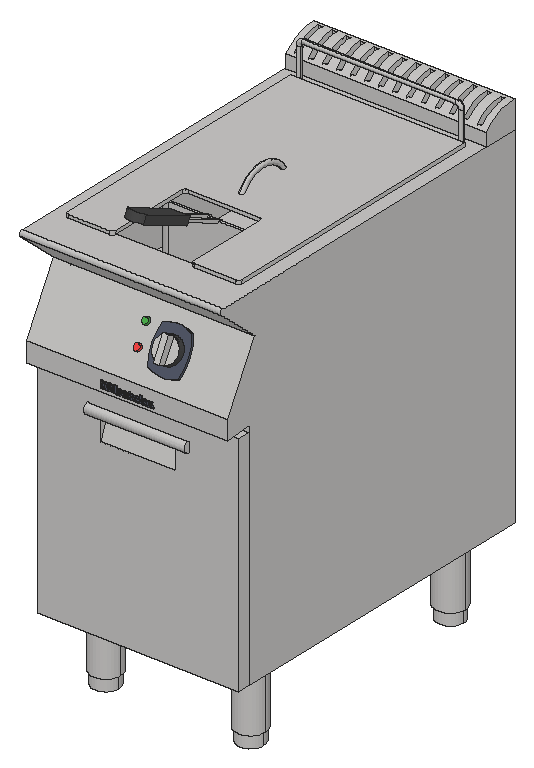
Revit family "QF_ELECTROLUXPROFESSIONAL_371081_E7FRED1GF0", category Specialty Equipment, Revit 2018
Family settings
  Round Connector Dimension = Use Diameter
  Part Type = Normal
  Work Plane-Based = No
  Always vertical = Yes
  Cut with Voids When Loaded = No
  Shared = No
  Room Calculation Point = No
Parameters
  Width = 400 mm  # constant formula
  Weight in Pounds = 121  # constant formula
  Watts = 10000 VA  # 10000 W
  Volts = 400 V  # constant formula
  URL Cutsheet = "www.electrolux.com/foodservice"
  URL = "www.electrolux.com/foodservice"
  Type Mark [instance] = ""
  Status [instance] = ""
  Specification by User [instance] = ""
  Specification by Manufacturer = ""
  Show Logo [instance] = yes
  Show Clearance [instance] = yes
  Serial Number = ""
  Seismic Rating = ""
  SMACNA No = ""
  Revision Code [instance] = ""
  Phase = 3  # constant formula
  Omniclass Number and Title = ""
  Number of Poles [instance] = 1
  NAFEM Spec ID Number = ""
  Model = "371081"
  Min Ckt Ampacity = 0 A
  Max Overcurrent Protection = 0 A
  Masterspec = ""
  Manufacturer = "ELECTROLUX"
  Item Number [instance] = ""
  Installed By [instance] = ""
  Identify Quantity as Lot [instance] = yes
  Height = 333 mm  # constant formula
  HP = "13.4 HP"
  Furnished By [instance] = ""
  Foodservice Equipment Identifier [instance] = yes
  FL Amps = if(Phase = 3, Watts / (Volts * 1.73), Watts / Volts)  # 14.4509 A
  Electrical Remarks [instance] = "400 V/3N ph/50/60 Hz"  # constant formula
  Electric Connection Type [instance] = ""
  Elec Conn RI Height [instance] = 0 mm
  Elec Conn Connection Height [instance] = 0 mm
  Direct Waste Size = 0"
  Description = "700XP One 15 Lt. Wells Freestanding Electric Fryer - 400V"
  Depth = 730 mm  # constant formula
  Cycle = if([60 Hertz Option], 60 Hz, 50 Hz)  # 60 Hz
  Conn Plug = ""
  Conn Conduit = yes
  CSI MasterFormat = ""
  CSI Master Format = ""
  Base Height [instance] = 150 mm  # constant formula
  Apparent Power = if(Phase = 3, Volts * FL Amps * 1.73, Volts * FL Amps)  # 10000 VA
  60 Hertz Option = not([50 Hertz Option])  # yes
  50 Hertz Option = no
Reference planes
  plane 1 "BACK": y = 0
  plane 2: z = 0
  plane 3 "LEFT": x = 0
  plane 4 "RIGHT": x = 400
  plane 5 "FRONT": y = -730
  plane 6 "TOP": z = 905.238
  plane 7 "Center Y": x = 200
  plane 8 "Center X": y = -365
  plane 9 "BASE": z = 601
  plane 10 "TOP A": z = 850.238
  plane 11: y = -587.387
  plane 12: y = -90
  plane 13: z = 150
Forms (mm)
  Extrusion 1, solid, material "QF_Finishes_Stainless Steel"
    sketch origin (0, 0, 0) x (0, 1, 0) y (0, 0, 1)
      loop
        line (0, 850.237) -> (-725.027, 850.237)
        arc (-725.027, 850.237) -> (-730.893, 846.318) -> (-729.517, 839.397) r 6.35
        line (-729.517, 839.397) -> (-646.919, 767.047) -> (-713.522, 646.19) -> (-713.522, 608.09) -> (-660.15, 613.7) -> (-660.15, 150) -> (0, 150) -> (0, 850.237)
      loop
        line (-687.137, 601) -> (-687.137, 150) -> (-661.737, 150) -> (-661.737, 601) -> (-687.137, 601)
    from 0 to 400
  Extrusion 2, solid, material "QF_Finishes_Stainless Steel"
    sketch origin (0, 0, 0) x (0, 1, 0) y (0, 0, 1)
      loop
        line (0, 850.238) -> (0, 905.237)
        arc (0, 905.237) -> (-38.078, 897.879) -> (-69.85, 875.637) r 93.057
        line (-69.85, 875.637) -> (-69.85, 850.238) -> (0, 850.238)
    from 0 to 400
  Extrusion 3, void
    sketch origin (0, 0, 850.238) x (-1, 0, 0) y (0, -1, 0)
      loop
        line (-33.338, 90.124) -> (-33.338, 645.265) -> (-366.662, 645.265) -> (-366.662, 90.124) -> (-33.338, 90.124)
    from 0 to -152.4
  Extrusion 4, solid, material "QF_Finishes_Stainless Steel"
    sketch origin (0, 0, 850.238) x (-1, 0, 0) y (0, -1, 0)
      loop
        arc (-26.988, 645.265) -> (-28.847, 649.755) -> (-33.338, 651.615) r 6.35
        line (-33.338, 651.615) -> (-115.863, 651.615)
        arc (-115.863, 651.615) -> (-120.353, 649.755) -> (-122.213, 645.265) r 6.35
        line (-122.213, 645.265) -> (-122.213, 481.012)
        arc (-122.213, 481.012) -> (-124.072, 476.521) -> (-128.563, 474.662) r 6.35
        line (-128.563, 474.662) -> (-271.437, 474.662)
        arc (-271.437, 474.662) -> (-275.928, 476.521) -> (-277.787, 481.012) r 6.35
        line (-277.787, 481.012) -> (-277.787, 645.29)
        arc (-277.787, 645.29) -> (-279.64, 649.762) -> (-284.112, 651.615) r 6.325
        line (-284.112, 651.615) -> (-366.662, 651.615)
        arc (-366.662, 651.615) -> (-371.153, 649.755) -> (-373.013, 645.265) r 6.35
        line (-373.013, 645.265) -> (-373.013, 90.124) -> (-26.988, 90.124) -> (-26.988, 645.265)
    from 0 to 6.35
  Sweep 5, solid, material "QF_Finishes_Stainless Steel"
    path origin (200, 0, 0) x (0, 1, 0) y (0, 0, 1)
      loop
        arc (-323.261, 850.238) -> (-377.7, 884.016) -> (-432.139, 850.238) r 60.757
    profile origin (200, -377.7, 884.016) x (0, 0, -1) y (1, 0, 0)
      loop
        circle (0, 0) r 4.353
  Sweep 6, solid, material "QF_Finishes_Stainless Steel"
    path origin (0, 0, 0) x (1, 0, 0) y (0, 0, 1)
      loop
        line (39.688, 846.5) -> (39.688, 911.588)
        arc (39.688, 911.588) -> (41.547, 916.078) -> (46.038, 917.938) r 6.35
        line (46.038, 917.938) -> (352.225, 917.938)
        arc (352.225, 917.938) -> (356.715, 916.078) -> (358.575, 911.588) r 6.35
        line (358.575, 911.588) -> (358.575, 846.5)
    profile origin (39.688, 0, 879.044) x (-1, 0, 0) y (0, -1, 0)
      loop
        circle (2.09, 83.254) r 3.827
  Extrusion 7, void
    sketch origin (0, 0, 850.238) x (-1, 0, 0) y (0, -1, 0)
      loop
        line (-13.453, 6.761) -> (-13.453, 63.911) -> (-22.749, 63.911) -> (-22.749, 6.761) -> (-13.453, 6.761)
    from 25.4 to 63.5
  Extrusion 8, void
    sketch origin (400.05, 0, 850.237) x (1, 0, 0) y (0, 1, 0)
      loop
        line (-13.503, -6.761) -> (-22.799, -6.761) -> (-22.799, -63.911) -> (-13.503, -63.911) -> (-13.503, -6.761)
    from 25.4 to 63.5
  Extrusion 9, void
    sketch origin (27.988, 0, 850.238) x (-1, 0, 0) y (0, -1, 0)
      loop
        line (-13.453, 6.761) -> (-13.453, 63.911) -> (-22.749, 63.911) -> (-22.749, 6.761) -> (-13.453, 6.761)
    from 25.4 to 63.5
  Extrusion 10, void
    sketch origin (55.977, 0, 850.238) x (-1, 0, 0) y (0, -1, 0)
      loop
        line (-13.453, 6.761) -> (-13.453, 63.911) -> (-22.749, 63.911) -> (-22.749, 6.761) -> (-13.453, 6.761)
    from 25.4 to 63.5
  Extrusion 11, void
    sketch origin (83.965, 0, 850.238) x (-1, 0, 0) y (0, -1, 0)
      loop
        line (-13.428, 6.761) -> (-13.428, 63.911) -> (-22.724, 63.911) -> (-22.724, 6.761) -> (-13.428, 6.761)
    from 25.4 to 63.5
  Extrusion 12, void
    sketch origin (111.953, 0, 850.237) x (-1, 0, 0) y (0, -1, 0)
      loop
        line (-13.428, 6.761) -> (-13.428, 63.911) -> (-22.724, 63.911) -> (-22.724, 6.761) -> (-13.428, 6.761)
    from 25.4 to 63.5
  Extrusion 13, void
    sketch origin (139.942, 0, 850.237) x (-1, 0, 0) y (0, -1, 0)
      loop
        line (-13.428, 6.761) -> (-13.428, 63.911) -> (-22.724, 63.911) -> (-22.724, 6.761) -> (-13.428, 6.761)
    from 25.4 to 63.5
  Extrusion 14, void
    sketch origin (167.93, 0, 850.237) x (-1, 0, 0) y (0, -1, 0)
      loop
        line (-13.428, 6.761) -> (-13.428, 63.911) -> (-22.724, 63.911) -> (-22.724, 6.761) -> (-13.428, 6.761)
    from 25.4 to 63.5
  Extrusion 15, void
    sketch origin (195.918, 0, 850.237) x (-1, 0, 0) y (0, -1, 0)
      loop
        line (-13.428, 6.761) -> (-13.428, 63.911) -> (-22.724, 63.911) -> (-22.724, 6.761) -> (-13.428, 6.761)
    from 25.4 to 63.5
  Extrusion 16, void
    sketch origin (223.907, 0, 850.237) x (-1, 0, 0) y (0, -1, 0)
      loop
        line (-13.428, 6.761) -> (-13.428, 63.911) -> (-22.724, 63.911) -> (-22.724, 6.761) -> (-13.428, 6.761)
    from 25.4 to 63.5
  Extrusion 17, void
    sketch origin (251.895, 0, 850.237) x (-1, 0, 0) y (0, -1, 0)
      loop
        line (-13.428, 6.761) -> (-13.428, 63.911) -> (-22.724, 63.911) -> (-22.724, 6.761) -> (-13.428, 6.761)
    from 25.4 to 63.5
  Extrusion 18, void
    sketch origin (279.884, 0, 850.237) x (-1, 0, 0) y (0, -1, 0)
      loop
        line (-13.403, 6.761) -> (-13.403, 63.911) -> (-22.699, 63.911) -> (-22.699, 6.761) -> (-13.403, 6.761)
    from 25.4 to 63.5
  Extrusion 19, void
    sketch origin (307.872, 0, 850.237) x (-1, 0, 0) y (0, -1, 0)
      loop
        line (-13.403, 6.761) -> (-13.403, 63.911) -> (-22.699, 63.911) -> (-22.699, 6.761) -> (-13.403, 6.761)
    from 25.4 to 63.5
  Extrusion 20, void
    sketch origin (335.86, 0, 850.237) x (-1, 0, 0) y (0, -1, 0)
      loop
        line (-13.403, 6.761) -> (-13.403, 63.911) -> (-22.699, 63.911) -> (-22.699, 6.761) -> (-13.403, 6.761)
    from 25.4 to 63.5
  Extrusion 21, solid, material "QF_Finishes_Navy Blue"
    sketch origin (99.675, -713.522, 646.19) x (0, 0.482654, 0.875811) y (-1, 0, 0)
      loop
        arc (105.826, -132.614) -> (68.798, -123.683) -> (31.333, -130.552) r 91.794
        arc (31.333, -130.552) -> (24.218, -161.14) -> (31.333, -191.729) r 69.309
        arc (31.333, -191.729) -> (68.788, -198.45) -> (105.826, -189.715) r 93.659
        arc (105.826, -189.715) -> (112.066, -161.165) -> (105.826, -132.614) r 68.434
    from 0 to 3.175
  Extrusion 22, solid, material "QF_Finishes_Stainless Steel"
    sketch origin (99.675, -716.303, 647.723) x (0, 0.482654, 0.875811) y (-1, 0, 0)
      loop
        circle (68.826, -160.963) r 25.4
    from 0 to 12.7
  Extrusion 23, solid, material "QF_Finishes_Stainless Steel"
    sketch origin (99.675, -727.425, 653.853) x (0, 0.482654, 0.875811) y (-1, 0, 0)
      loop
        arc (93.558, -166.749) -> (94.226, -160.963) -> (93.558, -155.177) r 25.4
        line (93.558, -155.177) -> (44.094, -155.177)
        arc (44.094, -155.177) -> (43.426, -160.963) -> (44.094, -166.749) r 25.4
        line (44.094, -166.749) -> (93.558, -166.749)
    from 0 to 12.7
  Extrusion 24, solid, material "QF_Finishes_Green"
    sketch origin (39.327, -713.522, 646.19) x (0, 0.482654, 0.875811) y (-1, 0, 0)
      loop
        circle (98.315, -160.648) r 6.35
    from 0 to 3.175
  Extrusion 25, solid, material "QF_Finishes_Red"
    sketch origin (39.327, -720.158, 634.148) x (0, 0.482654, 0.875811) y (-1, 0, 0)
      loop
        circle (68.272, -160.648) r 6.35
    from 0 to 3.175
  Extrusion 26, solid, material "QF_Finishes_Clearance", visible <- "Show Clearance", detail levels coarse
    sketch origin (0, 0, 0) x (1, 0, 0) y (0, 1, 0)
      loop
        line (0, -731.377) -> (0, 0) -> (400, 0) -> (400, -731.377) -> (550.019, -731.377) -> (550.019, 150.019) -> (-150.019, 150.019) -> (-150.019, -731.377) -> (0, -731.377)
    from 0 to 905.237
  Extrusion 27, solid, material "QF_Finishes_Black"
    sketch origin (265.962, -698.333, 942.26) x (0, 0.906308, -0.422618) y (-1, 0, 0)
      loop
        line (10.103, 47.345) -> (128.716, 47.345) -> (128.716, 84.58) -> (10.103, 84.58)
        arc (10.103, 84.58) -> (-0.124, 65.962) -> (10.103, 47.345) r 22.059
    from -15.884 to 0
  Extrusion 28, solid, material "QF_Finishes_Stainless Steel"
    sketch origin (265.962, 41.275, 0) x (0, 1, 0) y (0, 0, 1)
      loop
        line (-537.413, 741.238) -> (-537.413, 842.715) -> (-624.966, 883.542) -> (-627.65, 877.787) -> (-543.763, 838.67) -> (-543.763, 741.238) -> (-537.413, 741.238)
    from -80.476 to -74.619
  Extrusion 29, solid, material "QF_Finishes_Stainless Steel"
    sketch origin (134.088, 41.275, 0) x (0, 1, 0) y (0, 0, -1)
      loop
        line (-543.763, -838.67) -> (-627.65, -877.787) -> (-624.966, -883.542) -> (-537.413, -842.715) -> (-537.413, -741.238) -> (-543.763, -741.238) -> (-543.763, -838.67)
    from -80.476 to -74.619
  Extrusion 30, solid, material "QF_Finishes_Mesh"
    sketch origin (0, 0, 850.238) x (-1, 0, 0) y (0, -1, 0)
      loop
        arc (-116.6, 131.498) -> (-98.64, 138.937) -> (-91.2, 156.898) r 25.4
        line (-91.2, 156.898) -> (-91.2, 481.11)
        arc (-91.2, 481.11) -> (-98.64, 499.071) -> (-116.6, 506.51) r 25.4
        line (-116.6, 506.51) -> (-294.375, 506.51)
        arc (-294.375, 506.51) -> (-312.336, 499.071) -> (-319.775, 481.11) r 25.4
        line (-319.775, 481.11) -> (-319.775, 156.898)
        arc (-319.775, 156.898) -> (-312.336, 138.937) -> (-294.375, 131.498) r 25.4
        line (-294.375, 131.498) -> (-116.6, 131.498)
      loop
        arc (-116.6, 134.673) -> (-100.885, 141.182) -> (-94.375, 156.898) r 22.225
        line (-94.375, 156.898) -> (-94.375, 481.11)
        arc (-94.375, 481.11) -> (-100.885, 496.826) -> (-116.6, 503.335) r 22.225
        line (-116.6, 503.335) -> (-294.375, 503.335)
        arc (-294.375, 503.335) -> (-310.091, 496.826) -> (-316.6, 481.11) r 22.225
        line (-316.6, 481.11) -> (-316.6, 156.898)
        arc (-316.6, 156.898) -> (-310.091, 141.182) -> (-294.375, 134.673) r 22.225
        line (-294.375, 134.673) -> (-116.6, 134.673)
    from -109 to -5.315
  Revolve 31, solid, material "QF_Finishes_Stainless Steel"
    sketch origin (0, -587.387, 608.09) x (0, 0, 1) y (-1, 0, 0)
      loop
        line (-608.09, -56) -> (-458.09, -56) -> (-458.09, -26) -> (-583.09, -26) -> (-583.09, -29.75) -> (-608.09, -29.75) -> (-608.09, -56)
      axis (-608.09, -56) -> (-458.09, -56)
    angle from 0 to 360
  Revolve 32, solid, material "QF_Finishes_Stainless Steel"
    sketch origin (400.05, -587.387, 608.09) x (0, 0, 1) y (-1, 0, 0)
      loop
        line (-608.09, 56.05) -> (-608.09, 29.8) -> (-583.09, 29.8) -> (-583.09, 26.05) -> (-458.09, 26.05) -> (-458.09, 56.05) -> (-608.09, 56.05)
      axis (-608.09, 56.05) -> (-458.09, 56.05)
    angle from 0 to 360
  Revolve 33, solid, material "QF_Finishes_Stainless Steel"
    sketch origin (0, -90, 608.09) x (0, 0, 1) y (-1, 0, 0)
      loop
        line (-608.09, -56) -> (-458.09, -56) -> (-458.09, -26) -> (-583.09, -26) -> (-583.09, -29.75) -> (-608.09, -29.75) -> (-608.09, -56)
      axis (-608.09, -56) -> (-458.09, -56)
    angle from 0 to 360
  Revolve 34, solid, material "QF_Finishes_Stainless Steel"
    sketch origin (400.05, -90, 608.09) x (0, 0, 1) y (-1, 0, 0)
      loop
        line (-608.09, 56.05) -> (-608.09, 29.8) -> (-583.09, 29.8) -> (-583.09, 26.05) -> (-458.09, 26.05) -> (-458.09, 56.05) -> (-608.09, 56.05)
      axis (-608.09, 56.05) -> (-458.09, 56.05)
    angle from 0 to 360
  Extrusion 35, void
    sketch origin (200, 0, 0) x (0, 1, 0) y (0, 0, 1)
      loop
        line (-687.137, 541) -> (-687.137, 499.788) -> (-672.137, 541) -> (-687.137, 541)
    from -75 to 75
  Extrusion 36, solid, material "QF_Finishes_Stainless Steel"
    sketch origin (200, 0, 0) x (0, 1, 0) y (0, 0, 1)
      loop
        line (-687.137, 541) -> (-687.137, 561)
        arc (-687.137, 561) -> (-697.137, 551) -> (-687.137, 541) r 10
    from -100 to 100
  Extrusion 37, solid, material "QF_Finishes_Door Clearance", visible <- "Show Clearance", detail levels coarse
    sketch origin (0, 0, 850.238) x (-1, 0, 0) y (0, -1, 0)
      loop
        arc (0, 687.137) -> (-117.157, 969.98) -> (-400, 1087.137) r 400
        line (-400, 1087.137) -> (-400, 687.137) -> (0, 687.137)
    from -700.237 to -249.237
  Extrusion 38, solid, material "QF_Finishes_Stainless Steel"
    sketch origin (-77.88, -4572, 601) x (-1, 0, 0) y (0, -1, 0)
      loop
        circle (-425.88, -4067) r 12.7
    from 0 to -12.7
  Extrusion 39, solid, material "QF_Finishes_Navy Blue", visible <- "Show Logo"
    sketch origin (-140, -713.772, 608.09) x (0, 0, 1) y (-1, 0, 0)
      loop
        line (20.674, -296.698) -> (8.307, -296.698)
        arc (8.307, -296.698) -> (14.491, -301.27) -> (20.674, -296.698) r 6.467
      loop
        arc (20.674, -296.069) -> (19.505, -290.926) -> (14.849, -288.448) r 6.338
        line (14.849, -288.448) -> (14.849, -290.494)
        arc (14.849, -290.494) -> (16.333, -294.149) -> (19.778, -296.069) r 5.941
        line (19.778, -296.069) -> (20.674, -296.069)
      loop
        arc (9.203, -296.069) -> (12.648, -294.149) -> (14.132, -290.494) r 5.941
        line (14.132, -290.494) -> (14.132, -288.448)
        arc (14.132, -288.448) -> (9.438, -290.922) -> (8.148, -296.069) r 6.504
        line (8.148, -296.069) -> (9.203, -296.069)
      loop
        line (21.349, -287.979) -> (7.604, -287.979) -> (7.604, -301.742) -> (21.349, -301.742) -> (21.349, -287.979)
      loop
        arc (21.432, -304.71) -> (21.085, -304.352) -> (20.718, -304.69) r 0.358
        arc (20.718, -304.69) -> (20.404, -305.44) -> (19.687, -305.825) r 1.216
        line (19.687, -305.825) -> (9.274, -305.825)
        arc (9.274, -305.825) -> (8.614, -305.548) -> (8.218, -304.951) r 1.238
        arc (8.218, -304.951) -> (7.823, -304.7) -> (7.518, -305.054) r 0.358
        line (7.518, -305.054) -> (7.518, -314.933) -> (10.269, -314.933) -> (10.269, -314.036)
        arc (10.269, -314.036) -> (9.36, -313.456) -> (8.904, -312.479) r 1.928
        line (8.904, -312.479) -> (8.904, -309.98)
        arc (8.904, -309.98) -> (9.18, -309.251) -> (9.868, -308.887) r 1.101
        line (9.868, -308.887) -> (13.955, -308.887) -> (13.955, -312.561)
        arc (13.955, -312.561) -> (13.602, -313.058) -> (13.037, -313.286) r 1.083
        arc (13.037, -313.286) -> (12.773, -313.591) -> (13.065, -313.869) r 0.292
        line (13.065, -313.869) -> (16.028, -313.869)
        arc (16.028, -313.869) -> (16.33, -313.596) -> (16.092, -313.266) r 0.305
        arc (16.092, -313.266) -> (15.601, -313.018) -> (15.296, -312.561) r 1.083
        line (15.296, -312.561) -> (15.296, -308.887) -> (19.973, -308.887) -> (19.973, -312.635)
        arc (19.973, -312.635) -> (19.759, -313.39) -> (19.153, -313.888) r 1.314
        arc (19.153, -313.888) -> (18.934, -314.292) -> (19.288, -314.585) r 0.361
        line (19.288, -314.585) -> (21.432, -314.585) -> (21.432, -304.71)
      loop
        arc (20.715, -315.365) -> (20.335, -316.284) -> (19.416, -316.664) r 1.299
        line (19.416, -316.664) -> (9.837, -316.664)
        arc (9.837, -316.664) -> (8.999, -316.286) -> (8.728, -315.408) r 1.118
        line (8.728, -315.408) -> (7.518, -315.408) -> (7.518, -320.758) -> (8.706, -320.758)
        arc (8.706, -320.758) -> (8.978, -319.841) -> (9.848, -319.445) r 1.153
        line (9.848, -319.445) -> (21.92, -319.445) -> (20.715, -315.365)
      loop
        line (12.483, -323.394) -> (12.483, -329.842) -> (13.282, -329.842)
        arc (13.282, -329.842) -> (15.862, -328.857) -> (17.131, -326.404) r 3.874
        line (17.131, -326.404) -> (17.131, -324.643)
        arc (17.131, -324.643) -> (15.944, -321.778) -> (13.08, -320.592) r 4.051
        line (13.08, -320.592) -> (11.072, -320.592)
        arc (11.072, -320.592) -> (8.253, -322.077) -> (7.202, -325.084) r 4.352
        arc (7.202, -325.084) -> (7.566, -327.547) -> (8.943, -329.621) r 5.713
        line (8.943, -329.621) -> (9.892, -329.621)
        arc (9.892, -329.621) -> (9.16, -328.052) -> (8.943, -326.334) r 5.579
        arc (8.943, -326.334) -> (9.737, -324.371) -> (11.616, -323.394) r 3.057
        line (11.616, -323.394) -> (12.483, -323.394)
      loop
        line (13.742, -323.394) -> (13.742, -326.977)
        arc (13.742, -326.977) -> (15.199, -327.024) -> (16.082, -325.864) r 1.59
        line (16.082, -325.864) -> (16.082, -325.034)
        arc (16.082, -325.034) -> (15.217, -323.779) -> (13.742, -323.394) r 2.184
      loop
        arc (16.533, -339.259) -> (17.022, -337.585) -> (17.179, -335.848) r 9.023
        line (17.179, -335.848) -> (17.179, -334.486)
        arc (17.179, -334.486) -> (16.02, -331.686) -> (13.22, -330.527) r 3.959
        line (13.22, -330.527) -> (10.62, -330.527)
        arc (10.62, -330.527) -> (8.338, -331.819) -> (7.221, -334.192) r 4.331
        line (7.221, -334.192) -> (7.221, -336.327)
        arc (7.221, -336.327) -> (7.729, -337.877) -> (8.651, -339.223) r 5.772
        arc (8.651, -339.223) -> (9.412, -339.274) -> (9.499, -338.515) r 0.553
        arc (9.499, -338.515) -> (9.111, -337.781) -> (8.977, -336.962) r 2.573
        line (8.977, -336.962) -> (8.977, -335.447)
        arc (8.977, -335.447) -> (9.983, -333.806) -> (11.798, -333.163) r 2.884
        line (11.798, -333.163) -> (13.077, -333.163)
        arc (13.077, -333.163) -> (14.898, -333.723) -> (15.824, -335.388) r 2.554
        line (15.824, -335.388) -> (15.824, -336.441)
        arc (15.824, -336.441) -> (15.493, -337.369) -> (14.836, -338.104) r 2.564
        arc (14.836, -338.104) -> (14.614, -338.821) -> (15.223, -339.259) r 0.643
        line (15.223, -339.259) -> (16.533, -339.259)
      loop
        line (15.515, -339.53) -> (15.515, -341.031) -> (9.467, -341.031)
        arc (9.467, -341.031) -> (7.879, -341.688) -> (7.221, -343.276) r 2.246
        line (7.221, -343.276) -> (7.221, -344.86)
        arc (7.221, -344.86) -> (7.535, -345.725) -> (8.035, -346.496) r 4.06
        arc (8.035, -346.496) -> (8.768, -346.629) -> (9.019, -345.928) r 0.576
        arc (9.019, -345.928) -> (8.913, -345.403) -> (8.977, -344.87) r 1.69
        arc (8.977, -344.87) -> (9.519, -344.082) -> (10.425, -343.779) r 1.506
        line (10.425, -343.779) -> (15.563, -343.779) -> (15.563, -346.176) -> (16.119, -346.733) -> (16.941, -346.733) -> (16.941, -343.873) -> (20.172, -343.873) -> (15.515, -339.53)
      loop
        line (7.438, -347.63) -> (7.438, -353.017) -> (8.548, -353.017)
        arc (8.548, -353.017) -> (8.942, -352.066) -> (9.893, -351.672) r 1.345
        line (9.893, -351.672) -> (13.509, -351.672)
        arc (13.509, -351.672) -> (14.274, -352.264) -> (14.564, -353.186) r 1.615
        line (14.564, -353.186) -> (14.564, -354.742) -> (17.119, -355.427) -> (17.119, -354.044) -> (15.177, -351.485) -> (17.057, -351.485) -> (16.773, -348.779)
        arc (16.773, -348.779) -> (16.333, -348.249) -> (15.674, -348.45) r 0.621
        arc (15.674, -348.45) -> (15.274, -348.792) -> (14.78, -348.975) r 1.501
        line (14.78, -348.975) -> (9.893, -348.975)
        arc (9.893, -348.975) -> (8.942, -348.581) -> (8.548, -347.63) r 1.345
        line (8.548, -347.63) -> (7.438, -347.63)
      loop
        line (13.54, -354.964) -> (10.848, -354.964)
        arc (10.848, -354.964) -> (8.403, -356.272) -> (7.269, -358.803) r 4.288
        arc (7.269, -358.803) -> (7.205, -360.183) -> (7.269, -361.563) r 15.022
        arc (7.269, -361.563) -> (8.403, -364.094) -> (10.848, -365.401) r 4.288
        line (10.848, -365.401) -> (13.54, -365.401)
        arc (13.54, -365.401) -> (15.986, -364.094) -> (17.119, -361.563) r 4.288
        arc (17.119, -361.563) -> (17.183, -360.183) -> (17.119, -358.803) r 15.022
        arc (17.119, -358.803) -> (15.986, -356.272) -> (13.54, -354.964) r 4.288
      loop
        line (13.745, -358.078) -> (10.643, -358.078)
        arc (10.643, -358.078) -> (8.486, -360.235) -> (10.643, -362.392) r 2.157
        line (10.643, -362.392) -> (13.745, -362.392)
        arc (13.745, -362.392) -> (15.902, -360.235) -> (13.745, -358.078) r 2.157
      loop
        arc (20.726, -365.26) -> (20.355, -366.154) -> (19.461, -366.524) r 1.264
        line (19.461, -366.524) -> (9.597, -366.524)
        arc (9.597, -366.524) -> (8.727, -366.127) -> (8.455, -365.211) r 1.153
        line (8.455, -365.211) -> (7.518, -365.211) -> (7.518, -370.319) -> (8.446, -370.319)
        arc (8.446, -370.319) -> (8.805, -369.547) -> (9.597, -369.232) r 1.153
        line (9.597, -369.232) -> (21.92, -369.232) -> (20.726, -365.26)
      loop
        arc (15.846, -369.857) -> (15.647, -370.921) -> (14.678, -371.403) r 1.215
        line (14.678, -371.403) -> (9.658, -371.403)
        arc (9.658, -371.403) -> (8.043, -372.051) -> (7.322, -373.634) r 2.338
        line (7.322, -373.634) -> (7.322, -375.148)
        arc (7.322, -375.148) -> (7.497, -376.152) -> (7.999, -377.038) r 2.979
        line (7.999, -377.038) -> (7.518, -378.835) -> (7.518, -380.524) -> (16.943, -380.524) -> (16.649, -376.32) -> (15.863, -376.32)
        arc (15.863, -376.32) -> (15.507, -377.156) -> (14.755, -377.665) r 1.605
        line (14.755, -377.665) -> (9.652, -377.665)
        arc (9.652, -377.665) -> (9.232, -376.728) -> (9.159, -375.704) r 2.94
        arc (9.159, -375.704) -> (9.72, -374.603) -> (10.873, -374.16) r 1.724
        line (10.873, -374.16) -> (17.07, -374.16) -> (15.846, -369.857)
      loop
        line (16.874, -381.377) -> (15.202, -383.423) -> (12.028, -385.729) -> (8.572, -382.617)
        arc (8.572, -382.617) -> (8.335, -382.223) -> (8.357, -381.764) r 0.789
        line (8.357, -381.764) -> (7.518, -381.764) -> (7.518, -385.309) -> (8.344, -385.309)
        arc (8.344, -385.309) -> (8.686, -384.947) -> (9.176, -385.039) r 0.52
        line (9.176, -385.039) -> (10.976, -386.51) -> (8.858, -387.886)
        arc (8.858, -387.886) -> (8.457, -387.576) -> (8.37, -387.076) r 0.7
        line (8.37, -387.076) -> (7.518, -387.076) -> (7.518, -393.003) -> (8.405, -393.003)
        arc (8.405, -393.003) -> (8.472, -392.344) -> (8.866, -391.813) r 1.247
        line (8.866, -391.813) -> (13.066, -388.532) -> (15.513, -390.585) -> (16.874, -392.327) -> (16.874, -388.604) -> (15.389, -389.026) -> (13.868, -387.749) -> (15.568, -386.559) -> (16.874, -387.336) -> (16.874, -381.377)
    from 0 to 1.644
Cuts and joins
  Extrusion 3, Extrusion 7, Extrusion 35 cuts Extrusion 1
  joined: Extrusion 4, Sweep 5
  Extrusion 7, Extrusion 8, Extrusion 9, Extrusion 10, Extrusion 11, Extrusion 12, Extrusion 13, Extrusion 14, Extrusion 15, Extrusion 16, Extrusion 17, Extrusion 18, Extrusion 19, Extrusion 20 cuts Extrusion 2
  joined: Extrusion 22, Extrusion 23
  Extrusion 35 cuts Extrusion 26
Lines and regions (mm)
  symbolic lines, style "QF-Clearances", visible <- "Show Clearance", detail levels coarse
    curve 1: line (-150.019, 150.019, 850.238) -> (-150.019, -731.377, 850.238)
    curve 2: line (550.019, 150.019, 850.237) -> (-150.019, 150.019, 850.238)
    curve 3: line (550.019, -731.377, 850.237) -> (550.019, 150.019, 850.237)
  symbolic lines
    curve 4: line (0, 0, 850.238) -> (400, 0, 850.237)
    curve 5: line (0, -730, 850.238) -> (0, 0, 850.238)
    curve 6: line (400, 0, 850.237) -> (400, -730, 850.237)
    curve 7: line (22.724, -6.761, 850.238) -> (22.724, -63.911, 850.238)
    curve 8: line (22.724, -63.911, 850.238) -> (13.428, -63.911, 850.238)
    curve 9: line (13.428, -63.911, 850.238) -> (13.428, -6.761, 850.238)
    curve 10: line (13.428, -6.761, 850.238) -> (22.724, -6.761, 850.238)
    curve 11: line (386.547, -6.761, 850.237) -> (386.547, -63.911, 850.237)
    curve 12: line (386.547, -63.911, 850.237) -> (377.251, -63.911, 850.237)
    curve 13: line (377.251, -63.911, 850.237) -> (377.251, -6.761, 850.237)
    curve 14: line (377.251, -6.761, 850.237) -> (386.547, -6.761, 850.237)
    curve 15: line (50.712, -6.761, 850.238) -> (50.712, -63.911, 850.238)
    curve 16: line (50.712, -63.911, 850.238) -> (41.416, -63.911, 850.238)
    curve 17: line (41.416, -63.911, 850.238) -> (41.416, -6.761, 850.238)
    curve 18: line (41.416, -6.761, 850.238) -> (50.712, -6.761, 850.238)
    curve 19: line (78.7, -6.761, 850.238) -> (78.7, -63.911, 850.238)
    curve 20: line (78.7, -63.911, 850.238) -> (69.405, -63.911, 850.238)
    curve 21: line (69.405, -63.911, 850.238) -> (69.405, -6.761, 850.238)
    curve 22: line (69.405, -6.761, 850.238) -> (78.7, -6.761, 850.238)
    curve 23: line (106.689, -6.761, 850.237) -> (106.689, -63.911, 850.237)
    curve 24: line (106.689, -63.911, 850.237) -> (97.393, -63.911, 850.238)
    curve 25: line (97.393, -63.911, 850.238) -> (97.393, -6.761, 850.238)
    curve 26: line (97.393, -6.761, 850.238) -> (106.689, -6.761, 850.237)
    curve 27: line (134.677, -6.761, 850.237) -> (134.677, -63.911, 850.237)
    curve 28: line (134.677, -63.911, 850.237) -> (125.381, -63.911, 850.237)
    curve 29: line (125.381, -63.911, 850.237) -> (125.381, -6.761, 850.237)
    curve 30: line (125.381, -6.761, 850.237) -> (134.677, -6.761, 850.237)
    curve 31: line (162.665, -6.761, 850.237) -> (162.665, -63.911, 850.237)
    curve 32: line (162.665, -63.911, 850.237) -> (153.37, -63.911, 850.237)
    curve 33: line (153.37, -63.911, 850.237) -> (153.37, -6.761, 850.237)
    curve 34: line (153.37, -6.761, 850.237) -> (162.665, -6.761, 850.237)
    curve 35: line (190.654, -6.761, 850.237) -> (190.654, -63.911, 850.237)
    curve 36: line (190.654, -63.911, 850.237) -> (181.358, -63.911, 850.237)
    curve 37: line (181.358, -63.911, 850.237) -> (181.358, -6.761, 850.237)
    curve 38: line (181.358, -6.761, 850.237) -> (190.654, -6.761, 850.237)
    curve 39: line (218.642, -6.761, 850.237) -> (218.642, -63.911, 850.237)
    curve 40: line (218.642, -63.911, 850.237) -> (209.346, -63.911, 850.237)
    curve 41: line (209.346, -63.911, 850.237) -> (209.346, -6.761, 850.237)
    curve 42: line (209.346, -6.761, 850.237) -> (218.642, -6.761, 850.237)
    curve 43: line (246.605, -6.761, 850.237) -> (246.605, -63.911, 850.237)
    curve 44: line (246.605, -63.911, 850.237) -> (237.31, -63.911, 850.237)
    curve 45: line (237.31, -63.911, 850.237) -> (237.31, -6.761, 850.237)
    curve 46: line (237.31, -6.761, 850.237) -> (246.605, -6.761, 850.237)
    curve 47: line (274.594, -6.761, 850.237) -> (274.594, -63.911, 850.237)
    curve 48: line (274.594, -63.911, 850.237) -> (265.298, -63.911, 850.237)
    curve 49: line (265.298, -63.911, 850.237) -> (265.298, -6.761, 850.237)
    curve 50: line (265.298, -6.761, 850.237) -> (274.594, -6.761, 850.237)
    curve 51: line (302.582, -6.761, 850.237) -> (302.582, -63.911, 850.237)
    curve 52: line (302.582, -63.911, 850.237) -> (293.286, -63.911, 850.237)
    curve 53: line (293.286, -63.911, 850.237) -> (293.286, -6.761, 850.237)
    curve 54: line (293.286, -6.761, 850.237) -> (302.582, -6.761, 850.237)
    curve 55: line (330.57, -6.761, 850.237) -> (330.57, -63.911, 850.237)
    curve 56: line (330.57, -63.911, 850.237) -> (321.275, -63.911, 850.237)
    curve 57: line (321.275, -63.911, 850.237) -> (321.275, -6.761, 850.237)
    curve 58: line (321.275, -6.761, 850.237) -> (330.57, -6.761, 850.237)
    curve 59: line (358.559, -6.761, 850.237) -> (358.559, -63.911, 850.237)
    curve 60: line (358.559, -63.911, 850.237) -> (349.263, -63.911, 850.237)
    curve 61: line (349.263, -63.911, 850.237) -> (349.263, -6.761, 850.237)
    curve 62: line (349.263, -6.761, 850.237) -> (358.559, -6.761, 850.237)
    curve 63: line (26.988, -90.124, 850.238) -> (26.988, -645.265, 850.238)
    curve 64: arc (26.988, -645.265, 850.238) -> (28.847, -649.755, 850.238) -> (33.338, -651.615, 850.238) r 6.35
    curve 65: line (33.338, -651.615, 850.238) -> (115.863, -651.615, 850.237)
    curve 66: arc (115.863, -651.615, 850.237) -> (120.353, -649.755, 850.237) -> (122.213, -645.265, 850.237) r 6.35
    curve 67: line (122.213, -645.265, 850.237) -> (122.213, -481.012, 850.237)
    curve 68: arc (122.213, -481.012, 850.237) -> (124.072, -476.521, 850.237) -> (128.563, -474.662, 850.237) r 6.35
    curve 69: line (128.563, -474.662, 850.237) -> (271.412, -474.662, 850.237)
    curve 70: arc (271.412, -474.662, 850.237) -> (275.903, -476.521, 850.237) -> (277.762, -481.012, 850.237) r 6.35
    curve 71: line (277.763, -481.012, 850.237) -> (277.763, -645.265, 850.237)
    curve 72: arc (277.763, -645.265, 850.237) -> (279.622, -649.755, 850.237) -> (284.113, -651.615, 850.237) r 6.35
    curve 73: line (284.113, -651.615, 850.237) -> (366.663, -651.615, 850.237)
    curve 74: arc (366.663, -651.615, 850.237) -> (371.153, -649.755, 850.237) -> (373.013, -645.265, 850.237) r 6.35
    curve 75: line (373.013, -645.265, 850.237) -> (373.013, -90.124, 850.237)
    curve 76: line (373.013, -90.124, 850.237) -> (26.988, -90.124, 850.238)
    curve 77: line (31.725, -69.85, 850.238) -> (0, -69.85, 850.238)
    curve 78: line (0, -69.85, 850.238) -> (0, -63.012, 850.238)
    curve 79: line (0, -69.85, 850.238) -> (400, -69.85, 850.237)
    curve 80: line (201.587, -90.124, 850.237) -> (366.663, -90.124, 850.237)
    curve 81: line (33.313, -90.124, 850.238) -> (198.413, -90.124, 850.237)
    curve 82: line (218.617, -695.889, 850.237) -> (218.617, -581.677, 850.237)
    curve 83: line (181.383, -581.677, 850.237) -> (181.383, -695.889, 850.237)
    curve 84: line (218.617, -581.677, 850.237) -> (181.383, -581.677, 850.237)
    curve 85: spline (218.617, -695.889, 850.237) -> (216.385, -698.551, 850.237) -> (213.694, -700.839, 850.237) -> (210.621, -702.688, 850.237) -> (207.25, -704.047, 850.237) -> (203.676, -704.878, 850.237) -> (200, -705.158, 850.237) -> (196.324, -704.878, 850.237) -> (192.75, -704.047, 850.237) -> (189.379, -702.688, 850.237) -> (186.306, -700.839, 850.237) -> (183.615, -698.551, 850.237) -> (181.383, -695.889, 850.237)
    curve 86: line (218.617, -645.265, 850.237) -> (277.763, -645.265, 850.237)
    curve 87: line (181.383, -645.265, 850.237) -> (122.213, -645.265, 850.237)
    curve 88: line (191.318, -506.51, 850.237) -> (191.318, -581.677, 850.237)
    curve 89: line (185.462, -581.677, 850.237) -> (185.462, -506.51, 850.237)
    curve 90: line (214.538, -506.51, 850.237) -> (214.538, -581.677, 850.237)
    curve 91: line (208.682, -581.677, 850.237) -> (208.682, -506.51, 850.237)
    curve 92: spline (181.383, -689.176, 850.237) -> (183.615, -691.839, 850.237) -> (186.306, -694.126, 850.237) -> (189.379, -695.976, 850.237) -> (192.75, -697.335, 850.237) -> (196.324, -698.166, 850.237) -> (200, -698.445, 850.237) -> (203.676, -698.166, 850.237) -> (207.25, -697.335, 850.237) -> (210.621, -695.976, 850.237) -> (213.694, -694.126, 850.237) -> (216.385, -691.839, 850.237) -> (218.617, -689.176, 850.237)
    curve 93: line (195.545, -428.432, 850.237) -> (195.545, -326.969, 850.237)
    curve 94: line (204.443, -326.969, 850.237) -> (204.443, -428.432, 850.237)
    curve 95: arc (195.545, -428.432, 850.237) -> (199.994, -432.882, 850.237) -> (204.443, -428.432, 850.237) r 4.449
    curve 96: arc (195.545, -326.969, 850.237) -> (199.994, -322.52, 850.237) -> (204.443, -326.969, 850.237) r 4.449
    curve 97: line (400, -730, 850.237) -> (0, -730, 850.238)
    curve 98: line (37.573, -79.289, 850.238) -> (362.402, -79.289, 850.237)
    curve 99: line (37.573, -86.944, 850.238) -> (37.573, -79.289, 850.238)
    curve 100: line (362.402, -86.944, 850.237) -> (37.573, -86.944, 850.238)
    curve 101: line (362.402, -79.289, 850.237) -> (362.402, -86.944, 850.237)
    curve 102: line (122.213, -506.51, 850.237) -> (277.763, -506.51, 850.237)
    curve 103: line (122.213, -503.335, 850.237) -> (277.763, -503.335, 850.237)
  symbolic lines, style "QF-Door Swings"
    curve 104: arc (2.303, -730, 850.238) -> (19.743, -811.254, 850.238) -> (53.597, -887.15, 850.238) r 400
    curve 105: line (53.597, -887.15, 850.238) -> (325.76, -730, 850.237)
Dimensions and locks
  equal spacing: plane 3 "LEFT", plane 7 "Center Y", plane 4 "RIGHT"
  "Width": plane 3 "LEFT" to plane 4 "RIGHT"
  equal spacing: plane 5 "FRONT", plane 8 "Center X", plane 1 "BACK"
  "Depth": plane 5 "FRONT" to plane 1 "BACK"
  plane 1 "BACK" to plane 5 "FRONT" = 730 mm
  locked: plane 10 "TOP A" to plane 9 "BASE" at 249.238
  locked: plane 6 "TOP" to plane 10 "TOP A" at 55
  "Base Height": plane 13 to level
  plane 10 "TOP A" to plane 13 = 700.237 mm
  aligned and locked: level to plane 2
  aligned and locked: plane 4 "RIGHT" to Extrusion 1
  aligned and locked: plane 4 "RIGHT" to Extrusion 2
  aligned and locked: plane 6 "TOP" to Extrusion 26
  aligned and locked: plane 10 "TOP A" to Extrusion 2 sketch curve
Automatic sketch dimensions
  Extrusion 2 sketch curve to plane 1 "BACK" = 0 mm
  Extrusion 2 sketch curve to plane 6 "TOP" = 0 mm
  plane 1 "BACK" to Extrusion 2 sketch curve = 1.769 mm
  plane 10 "TOP A" to Extrusion 2 sketch curve = 25.4 mm
  plane 1 "BACK" to Extrusion 2 sketch curve = 69.85 mm
  plane 12 to Extrusion 3 sketch curve = 0.124 mm
  Extrusion 3 sketch curve to plane 4 "RIGHT" = 33.337 mm
  plane 3 "LEFT" to Extrusion 3 sketch curve = 33.338 mm
  plane 11 to Extrusion 3 sketch curve = 57.877 mm
  plane 12 to Extrusion 4 sketch curve = 0.124 mm
  Extrusion 4 sketch curve to plane 4 "RIGHT" = 26.987 mm
  Extrusion 4 sketch curve to Extrusion 4 sketch curve = 6.35 mm  (x3)
  Extrusion 4 sketch curve to Extrusion 4 sketch curve = 82.55 mm
  plane 7 "Center Y" to Extrusion 4 sketch curve = 77.787 mm
  Extrusion 4 sketch curve to plane 7 "Center Y" = 71.437 mm
  Extrusion 4 sketch curve to plane 7 "Center Y" = 77.787 mm
  plane 3 "LEFT" to Extrusion 4 sketch curve = 33.338 mm
  plane 3 "LEFT" to Extrusion 4 sketch curve = 26.988 mm
  Extrusion 4 sketch curve to plane 8 "Center X" = 109.662 mm
  plane 11 to Extrusion 4 sketch curve = 57.877 mm  (x2)
  Sweep 5 sketch curve to plane 10 "TOP A" = 0 mm  (x2)
  Sweep 5 sketch curve to plane 8 "Center X" = 67.139 mm
  Sweep 5 sketch curve to plane 8 "Center X" = 12.7 mm
  Sweep 5 sketch curve to plane 10 "TOP A" = 26.978 mm
  Sweep 5 sketch curve to plane 7 "Center Y" = 0 mm
  Sweep 5 sketch curve to profile plane = 0 mm
  plane 6 "TOP" to Sweep 6 sketch curve = 6.35 mm  (x2)
  plane 3 "LEFT" to Sweep 6 sketch curve = 39.688 mm
  Sweep 6 sketch curve to Sweep 6 sketch curve = 6.35 mm
  Sweep 6 sketch curve to plane 4 "RIGHT" = 47.775 mm
  Sweep 6 sketch curve to plane 10 "TOP A" = 3.737 mm  (x2)
  Sweep 6 sketch curve to profile plane = 2.09 mm
  plane 1 "BACK" to Sweep 6 sketch curve = 83.254 mm
  plane 1 "BACK" to Extrusion 7 sketch curve = 6.761 mm
  plane 3 "LEFT" to Extrusion 7 sketch curve = 22.749 mm
  Extrusion 7 sketch curve to Extrusion 7 sketch curve = 9.296 mm
  Extrusion 7 sketch curve to Extrusion 7 sketch curve = 57.15 mm
  Extrusion 8 sketch curve to plane 1 "BACK" = 6.761 mm
  plane 4 "RIGHT" to Extrusion 8 sketch curve = 22.749 mm
  Extrusion 8 sketch curve to Extrusion 8 sketch curve = 9.296 mm
  Extrusion 8 sketch curve to Extrusion 8 sketch curve = 57.15 mm
  plane 1 "BACK" to Extrusion 9 sketch curve = 6.761 mm
  plane 3 "LEFT" to Extrusion 9 sketch curve = 50.737 mm
  Extrusion 9 sketch curve to Extrusion 9 sketch curve = 9.296 mm
  Extrusion 9 sketch curve to Extrusion 9 sketch curve = 57.15 mm
  plane 1 "BACK" to Extrusion 10 sketch curve = 6.761 mm
  plane 3 "LEFT" to Extrusion 10 sketch curve = 78.725 mm
  Extrusion 10 sketch curve to Extrusion 10 sketch curve = 9.296 mm
  Extrusion 10 sketch curve to Extrusion 10 sketch curve = 57.15 mm
  plane 1 "BACK" to Extrusion 11 sketch curve = 6.761 mm
  Extrusion 11 sketch curve to plane 7 "Center Y" = 93.311 mm
  Extrusion 11 sketch curve to Extrusion 11 sketch curve = 9.296 mm
  Extrusion 11 sketch curve to Extrusion 11 sketch curve = 57.15 mm
  plane 1 "BACK" to Extrusion 12 sketch curve = 6.761 mm
  Extrusion 12 sketch curve to plane 7 "Center Y" = 65.323 mm
  Extrusion 12 sketch curve to Extrusion 12 sketch curve = 9.296 mm
  Extrusion 12 sketch curve to Extrusion 12 sketch curve = 57.15 mm
  plane 1 "BACK" to Extrusion 13 sketch curve = 6.761 mm
  Extrusion 13 sketch curve to plane 7 "Center Y" = 37.335 mm
  Extrusion 13 sketch curve to Extrusion 13 sketch curve = 9.296 mm
  Extrusion 13 sketch curve to Extrusion 13 sketch curve = 57.15 mm
  Extrusion 14 sketch curve to plane 7 "Center Y" = 9.346 mm
  Extrusion 14 sketch curve to Extrusion 14 sketch curve = 9.296 mm
  plane 1 "BACK" to Extrusion 14 sketch curve = 6.761 mm
  Extrusion 14 sketch curve to Extrusion 14 sketch curve = 57.15 mm
  plane 1 "BACK" to Extrusion 15 sketch curve = 6.761 mm
  plane 7 "Center Y" to Extrusion 15 sketch curve = 18.642 mm
  Extrusion 15 sketch curve to Extrusion 15 sketch curve = 9.296 mm
  Extrusion 15 sketch curve to Extrusion 15 sketch curve = 57.15 mm
  plane 1 "BACK" to Extrusion 16 sketch curve = 6.761 mm
  plane 7 "Center Y" to Extrusion 16 sketch curve = 46.63 mm
  Extrusion 16 sketch curve to Extrusion 16 sketch curve = 9.296 mm
  Extrusion 16 sketch curve to Extrusion 16 sketch curve = 57.15 mm
  plane 1 "BACK" to Extrusion 17 sketch curve = 6.761 mm
  plane 7 "Center Y" to Extrusion 17 sketch curve = 74.619 mm
  Extrusion 17 sketch curve to Extrusion 17 sketch curve = 9.296 mm
  Extrusion 17 sketch curve to Extrusion 17 sketch curve = 57.15 mm
  plane 1 "BACK" to Extrusion 18 sketch curve = 6.761 mm
  Extrusion 18 sketch curve to plane 4 "RIGHT" = 97.418 mm
  Extrusion 18 sketch curve to Extrusion 18 sketch curve = 9.296 mm
  Extrusion 18 sketch curve to Extrusion 18 sketch curve = 57.15 mm
  plane 1 "BACK" to Extrusion 19 sketch curve = 6.761 mm
  Extrusion 19 sketch curve to plane 4 "RIGHT" = 69.43 mm
  Extrusion 19 sketch curve to Extrusion 19 sketch curve = 9.296 mm
  Extrusion 19 sketch curve to Extrusion 19 sketch curve = 57.15 mm
  plane 1 "BACK" to Extrusion 20 sketch curve = 6.761 mm
  Extrusion 20 sketch curve to plane 4 "RIGHT" = 41.441 mm
  Extrusion 20 sketch curve to Extrusion 20 sketch curve = 9.296 mm
  Extrusion 20 sketch curve to Extrusion 20 sketch curve = 57.15 mm
  Extrusion 21 sketch curve to Extrusion 1 = 31.333 mm  (x2)
  Extrusion 21 sketch curve to Extrusion 21 sketch curve = 12.3 mm  (x3)
  Extrusion 21 sketch curve to Extrusion 21 sketch curve = 34.925 mm  (x2)
  Extrusion 1 to Extrusion 21 sketch curve = 44.467 mm
  Extrusion 1 to Extrusion 21 sketch curve = 84.883 mm
  Extrusion 21 sketch curve to Extrusion 21 sketch curve = 25.727 mm  (x2)
  Extrusion 21 sketch curve to Extrusion 21 sketch curve = 28.575 mm
  Extrusion 23 sketch curve to Extrusion 23 sketch curve = 24.732 mm
  Extrusion 23 sketch curve to Extrusion 23 sketch curve = 0 mm
  Extrusion 1 to Extrusion 24 sketch curve = 39.678 mm
  Extrusion 1 to Extrusion 24 sketch curve = 200.025 mm
  Extrusion 25 sketch curve to Extrusion 1 = 54.522 mm
  Extrusion 1 to Extrusion 25 sketch curve = 200.025 mm
  plane 1 "BACK" to Extrusion 26 sketch curve = 0 mm
  Extrusion 26 sketch curve to plane 3 "LEFT" = 0 mm
  Extrusion 26 sketch curve to plane 4 "RIGHT" = 0 mm
  Extrusion 26 sketch curve to plane 3 "LEFT" = 150.019 mm
  plane 5 "FRONT" to Extrusion 26 sketch curve = 1.377 mm  (x2)
  plane 4 "RIGHT" to Extrusion 26 sketch curve = 150.019 mm
  Extrusion 26 sketch curve to plane 1 "BACK" = 150.019 mm
  Extrusion 27 sketch curve to plane 7 "Center Y" = 0 mm
  plane 7 "Center Y" to Extrusion 27 sketch curve = 18.617 mm
  Extrusion 27 sketch curve to plane 7 "Center Y" = 18.617 mm
  Extrusion 27 sketch curve to Extrusion 27 sketch curve = 11.832 mm
  Extrusion 27 sketch curve to Extrusion 27 sketch curve = 106.78 mm
  Extrusion 28 sketch curve to plane 11 = 1.013 mm
  Extrusion 28 sketch curve to plane 11 = 3.696 mm
  Extrusion 28 sketch curve to plane 10 "TOP A" = 11.567 mm
  Extrusion 28 sketch curve to plane 11 = 84.899 mm
  Extrusion 28 sketch curve to plane 10 "TOP A" = 7.522 mm
  Extrusion 28 sketch curve to Extrusion 28 sketch curve = 6.35 mm
  Extrusion 28 sketch curve to Extrusion 28 sketch curve = 97.432 mm
  Extrusion 29 sketch curve to plane 11 = 1.013 mm
  Extrusion 29 sketch curve to plane 11 = 3.696 mm
  Extrusion 29 sketch curve to plane 10 "TOP A" = 11.567 mm
  Extrusion 29 sketch curve to plane 11 = 84.899 mm
  Extrusion 29 sketch curve to Extrusion 29 sketch curve = 6.35 mm
  Extrusion 29 sketch curve to plane 10 "TOP A" = 7.522 mm
  Extrusion 29 sketch curve to Extrusion 29 sketch curve = 97.432 mm
  Extrusion 30 sketch curve to Extrusion 30 sketch curve = 0 mm  (x8)
  Extrusion 30 sketch curve to plane 4 "RIGHT" = 80.225 mm
  Extrusion 30 sketch curve to Extrusion 30 sketch curve = 3.175 mm
  Extrusion 30 sketch curve to Extrusion 30 sketch curve = 22.225 mm  (x3)
  plane 12 to Extrusion 30 sketch curve = 44.673 mm
  Extrusion 30 sketch curve to plane 7 "Center Y" = 83.4 mm  (x2)
  Extrusion 30 sketch curve to plane 8 "Center X" = 116.11 mm
  Revolve 31 sketch curve to level = 0 mm
  Revolve 31 sketch curve to plane 13 = 0 mm  (x2)
  level to Revolve 31 sketch curve = 25 mm
  Revolve 31 sketch curve to Revolve 31 sketch curve = 20 mm
  plane 3 "LEFT" to Revolve 31 sketch curve = 56 mm
  Revolve 31 sketch curve to Revolve 31 sketch curve = 0 mm
  plane 3 "LEFT" to Revolve 31 sketch curve = 29.75 mm
  plane 3 "LEFT" to Revolve 31 sketch curve = 26 mm
  Revolve 32 sketch curve to level = 0 mm
  Revolve 32 sketch curve to plane 13 = 0 mm  (x2)
  level to Revolve 32 sketch curve = 25 mm
  Revolve 32 sketch curve to Revolve 32 sketch curve = 20 mm
  Revolve 32 sketch curve to plane 4 "RIGHT" = 26 mm
  Revolve 32 sketch curve to Revolve 32 sketch curve = 3.75 mm
  Revolve 32 sketch curve to Revolve 32 sketch curve = 30 mm
  Revolve 32 sketch curve to Revolve 32 sketch curve = 0 mm
  Revolve 33 sketch curve to level = 0 mm
  Revolve 33 sketch curve to plane 13 = 0 mm  (x2)
  level to Revolve 33 sketch curve = 25 mm
  Revolve 33 sketch curve to Revolve 33 sketch curve = 20 mm
  plane 3 "LEFT" to Revolve 33 sketch curve = 56 mm
  Revolve 33 sketch curve to Revolve 33 sketch curve = 0 mm
  plane 3 "LEFT" to Revolve 33 sketch curve = 29.75 mm
  plane 3 "LEFT" to Revolve 33 sketch curve = 26 mm
  Revolve 34 sketch curve to level = 0 mm
  Revolve 34 sketch curve to plane 13 = 0 mm  (x2)
  level to Revolve 34 sketch curve = 25 mm
  Revolve 34 sketch curve to Revolve 34 sketch curve = 20 mm
  Revolve 34 sketch curve to plane 4 "RIGHT" = 26 mm
  Revolve 34 sketch curve to Revolve 34 sketch curve = 3.75 mm
  Revolve 34 sketch curve to Revolve 34 sketch curve = 30 mm
  Revolve 34 sketch curve to Revolve 34 sketch curve = 0 mm
  Extrusion 1 sketch curve to plane 10 "TOP A" = 0 mm
  Extrusion 1 sketch curve to plane 13 = 0 mm  (x2)
  Extrusion 1 sketch curve to plane 9 "BASE" = 0 mm
  Extrusion 1 sketch curve to plane 1 "BACK" = 0 mm
  plane 11 to Extrusion 1 sketch curve = 59.531 mm
  plane 9 "BASE" to Extrusion 1 sketch curve = 12.7 mm
  Extrusion 1 sketch curve to Extrusion 1 sketch curve = 1.588 mm
  Extrusion 1 sketch curve to Extrusion 1 sketch curve = 25.4 mm
  Extrusion 1 sketch curve to plane 5 "FRONT" = 16.478 mm
  Extrusion 1 sketch curve to plane 5 "FRONT" = 4.973 mm
  Extrusion 1 sketch curve to plane 5 "FRONT" = 0.483 mm
  plane 9 "BASE" to Extrusion 1 sketch curve = 7.09 mm
  Extrusion 1 sketch curve to Extrusion 1 sketch curve = 38.1 mm
  Extrusion 1 sketch curve to plane 10 "TOP A" = 83.191 mm
  Extrusion 1 sketch curve to plane 10 "TOP A" = 10.84 mm
  Extrusion 1 sketch curve to plane 5 "FRONT" = 42.863 mm
  Extrusion 35 sketch curve to plane 5 "FRONT" = 42.863 mm
  Extrusion 35 sketch curve to Extrusion 35 sketch curve = 15 mm
  Extrusion 35 sketch curve to plane 9 "BASE" = 101.212 mm
  Extrusion 35 sketch curve to Extrusion 35 sketch curve = 41.212 mm
  Extrusion 36 sketch curve to plane 5 "FRONT" = 42.863 mm
  Extrusion 36 sketch curve to plane 9 "BASE" = 60 mm
  Extrusion 36 sketch curve to Extrusion 36 sketch curve = 10 mm
  Extrusion 37 sketch curve to plane 4 "RIGHT" = 0 mm
  Extrusion 37 sketch curve to plane 3 "LEFT" = 0 mm
  Extrusion 37 sketch curve to plane 5 "FRONT" = 42.863 mm
  curve 104 to plane 4 "RIGHT" = 0 mm
  curve 105 to plane 4 "RIGHT" = 74.24 mm
  curve 85 to plane 7 "Center Y" = 0 mm
  curve 92 to plane 7 "Center Y" = 0 mm
  curve 78 to plane 3 "LEFT" = 0 mm
  curve 79 to plane 3 "LEFT" = 0 mm
  plane 1 "BACK" to curve 5 = 0 mm
  plane 4 "RIGHT" to curve 3 = 150.019 mm
  curve 12 to plane 4 "RIGHT" = 13.453 mm
  curve 11 to curve 12 = 9.296 mm
  curve 75 to plane 4 "RIGHT" = 26.987 mm
  plane 12 to curve 80 = 0.124 mm
  curve 75 to curve 80 = 6.35 mm
  curve 74 to curve 73 = 6.35 mm
  curve 80 to curve 101 = 4.26 mm
  plane 1 "BACK" to curve 62 = 6.761 mm
  curve 13 to curve 62 = 18.693 mm
  curve 59 to curve 62 = 9.296 mm
  plane 1 "BACK" to curve 58 = 6.761 mm
  curve 61 to curve 58 = 18.693 mm
  curve 55 to curve 58 = 9.296 mm
  plane 1 "BACK" to curve 54 = 6.761 mm
  curve 57 to curve 54 = 18.693 mm
  curve 51 to curve 53 = 9.296 mm
  curve 74 to curve 72 = 82.55 mm
  curve 72 to curve 72 = 6.35 mm
  plane 1 "BACK" to curve 47 = 6.761 mm
  curve 53 to curve 47 = 18.693 mm
  curve 71 to curve 70 = 6.35 mm
  curve 47 to curve 50 = 9.296 mm
  curve 48 to curve 44 = 18.693 mm
  curve 43 to curve 45 = 9.296 mm
  plane 7 "Center Y" to curve 85 = 22.059 mm
  curve 92 to curve 85 = 0 mm
  plane 1 "BACK" to curve 39 = 6.761 mm
  plane 7 "Center Y" to curve 39 = 18.642 mm
  curve 85 to curve 82 = 3.442 mm
  curve 82 to curve 90 = 4.079 mm
  curve 39 to curve 41 = 9.296 mm
  curve 90 to curve 91 = 5.857 mm
  plane 7 "Center Y" to curve 94 = 4.443 mm
  plane 7 "Center Y" to curve 80 = 1.587 mm
  curve 95 to plane 7 "Center Y" = 0.006 mm
  plane 12 to curve 81 = 0.124 mm
  curve 81 to plane 7 "Center Y" = 1.587 mm
  curve 88 to plane 7 "Center Y" = 8.682 mm
  curve 35 to plane 7 "Center Y" = 9.346 mm
  curve 88 to curve 89 = 5.857 mm
  curve 89 to curve 83 = 4.079 mm
  curve 35 to curve 37 = 9.296 mm
  plane 1 "BACK" to curve 31 = 6.761 mm
  curve 37 to curve 31 = 18.693 mm
  curve 31 to curve 33 = 9.296 mm
  plane 1 "BACK" to curve 27 = 6.761 mm
  curve 33 to curve 27 = 18.693 mm
  curve 89 to curve 69 = 56.899 mm
  curve 27 to curve 29 = 9.296 mm
  curve 87 to curve 87 = 59.17 mm
  curve 66 to curve 66 = 6.35 mm
  plane 1 "BACK" to curve 23 = 6.761 mm
  curve 29 to curve 23 = 18.693 mm
  curve 23 to curve 26 = 9.296 mm
  curve 24 to curve 20 = 18.693 mm
  curve 19 to curve 20 = 9.296 mm
  plane 3 "LEFT" to curve 104 = 53.597 mm
  curve 20 to curve 15 = 18.693 mm
  curve 15 to curve 17 = 9.296 mm
  curve 16 to curve 99 = 3.843 mm
  curve 99 to curve 81 = 4.26 mm
  plane 3 "LEFT" to curve 64 = 33.338 mm
  curve 98 to curve 77 = 5.848 mm
  curve 64 to curve 64 = 6.35 mm
  plane 1 "BACK" to curve 7 = 6.761 mm
  curve 17 to curve 7 = 18.693 mm
  curve 7 to curve 9 = 9.296 mm
  curve 2 to plane 3 "LEFT" = 150.019 mm
  curve 2 to plane 1 "BACK" = 150.019 mm
  plane 1 "BACK" to curve 11 = 6.761 mm
  plane 1 "BACK" to curve 15 = 6.761 mm
  plane 1 "BACK" to curve 46 = 6.761 mm
  plane 1 "BACK" to curve 19 = 6.761 mm
  plane 1 "BACK" to curve 38 = 6.761 mm
  curve 78 to plane 12 = 26.988 mm
  curve 32 to plane 12 = 26.089 mm
  curve 29 to plane 12 = 26.089 mm
  curve 35 to plane 12 = 26.089 mm
  curve 25 to plane 12 = 26.089 mm
  curve 39 to plane 12 = 26.089 mm
  curve 21 to plane 12 = 26.089 mm
  curve 43 to plane 12 = 26.089 mm
  curve 17 to plane 12 = 26.089 mm
  curve 47 to plane 12 = 26.089 mm
  curve 13 to plane 12 = 26.089 mm
  curve 51 to plane 12 = 26.089 mm
  curve 78 to curve 9 = 0.898 mm
  curve 55 to plane 12 = 26.089 mm
  curve 59 to curve 12 = 0 mm
  curve 7 to curve 77 = 5.939 mm
  curve 79 to curve 77 = 0 mm
  curve 99 to plane 12 = 10.711 mm
  curve 99 to plane 12 = 3.056 mm
  plane 12 to curve 63 = 0.124 mm
  plane 8 "Center X" to curve 96 = 38.031 mm
  curve 93 to plane 8 "Center X" = 63.432 mm
  curve 93 to curve 68 = 46.229 mm
  curve 67 to curve 103 = 22.324 mm
  curve 68 to curve 88 = 25.499 mm
  curve 82 to plane 11 = 5.711 mm
  plane 11 to curve 86 = 57.877 mm
  curve 87 to curve 86 = 0 mm
  curve 87 to curve 92 = 33.188 mm
  curve 92 to curve 85 = 6.713 mm
  curve 104 to curve 105 = 42.863 mm
  curve 85 to curve 92 = 4.011 mm
  curve 92 to curve 83 = 6.713 mm
  plane 5 "FRONT" to curve 3 = 1.377 mm
  plane 5 "FRONT" to curve 1 = 1.377 mm
  curve 97 to plane 4 "RIGHT" = 0 mm
  plane 5 "FRONT" to curve 104 = 0 mm
  curve 104 to curve 5 = 2.303 mm
  Extrusion 38 sketch curve to plane 4 "RIGHT" = 52 mm
  Extrusion 38 sketch curve to plane 11 = 82.388 mm
  plane 9 "BASE" to Extrusion 39 sketch curve = 9.251 mm
  plane 9 "BASE" to Extrusion 39 sketch curve = 14.292 mm
  plane 7 "Center Y" to Extrusion 39 sketch curve = 4.86 mm
  plane 9 "BASE" to Extrusion 39 sketch curve = 14.311 mm
  Extrusion 39 sketch curve to Extrusion 39 sketch curve = 0 mm  (x28)
  Extrusion 39 sketch curve to Extrusion 39 sketch curve = 5.108 mm  (x2)
  Extrusion 39 sketch curve to Extrusion 39 sketch curve = 0.054 mm
  Extrusion 39 sketch curve to Extrusion 39 sketch curve = 0.218 mm
  Extrusion 39 sketch curve to Extrusion 39 sketch curve = 0.195 mm
  Extrusion 39 sketch curve to Extrusion 39 sketch curve = 0.249 mm
  plane 9 "BASE" to Extrusion 39 sketch curve = 14.608 mm
  Extrusion 39 sketch curve to Extrusion 39 sketch curve = 0.087 mm
  Extrusion 39 sketch curve to Extrusion 39 sketch curve = 0.358 mm
  Extrusion 39 sketch curve to Extrusion 39 sketch curve = 0.481 mm
  Extrusion 39 sketch curve to Extrusion 39 sketch curve = 0.597 mm
  Extrusion 39 sketch curve to Extrusion 39 sketch curve = 0.544 mm
  Extrusion 39 sketch curve to Extrusion 39 sketch curve = 0.936 mm
  Extrusion 39 sketch curve to Extrusion 39 sketch curve = 0.594 mm
  Extrusion 39 sketch curve to Extrusion 39 sketch curve = 0.343 mm
  Extrusion 39 sketch curve to Extrusion 39 sketch curve = 0.159 mm
  Extrusion 39 sketch curve to Extrusion 39 sketch curve = 0.826 mm
  Extrusion 39 sketch curve to Extrusion 39 sketch curve = 0.839 mm
  Extrusion 39 sketch curve to Extrusion 39 sketch curve = 0.852 mm
  Extrusion 39 sketch curve to Extrusion 39 sketch curve = 0.887 mm
  Extrusion 39 sketch curve to Extrusion 39 sketch curve = 0.928 mm
  Extrusion 39 sketch curve to Extrusion 39 sketch curve = 0.938 mm
  Extrusion 39 sketch curve to Extrusion 39 sketch curve = 0.444 mm
  Extrusion 39 sketch curve to Extrusion 39 sketch curve = 1.11 mm  (x3)
  Extrusion 39 sketch curve to Extrusion 39 sketch curve = 0.215 mm
  Extrusion 39 sketch curve to plane 7 "Center Y" = 0.777 mm
  Extrusion 39 sketch curve to Extrusion 39 sketch curve = 1.43 mm
  Extrusion 39 sketch curve to Extrusion 39 sketch curve = 1.188 mm
  Extrusion 39 sketch curve to Extrusion 39 sketch curve = 1.21 mm  (x2)
  Extrusion 39 sketch curve to Extrusion 39 sketch curve = 0.503 mm
  Extrusion 39 sketch curve to Extrusion 39 sketch curve = 0.488 mm
  Extrusion 39 sketch curve to Extrusion 39 sketch curve = 0.462 mm
  Extrusion 39 sketch curve to Extrusion 39 sketch curve = 1.386 mm
  Extrusion 39 sketch curve to Extrusion 39 sketch curve = 1.742 mm  (x2)
  Extrusion 39 sketch curve to Extrusion 39 sketch curve = 0.821 mm
  Extrusion 39 sketch curve to Extrusion 39 sketch curve = 0.497 mm
  Extrusion 39 sketch curve to Extrusion 39 sketch curve = 0.539 mm
  Extrusion 39 sketch curve to Extrusion 39 sketch curve = 0.686 mm
  Extrusion 39 sketch curve to Extrusion 39 sketch curve = 0.408 mm
  Extrusion 39 sketch curve to Extrusion 39 sketch curve = 0.743 mm
  Extrusion 39 sketch curve to Extrusion 39 sketch curve = 1.16 mm
  Extrusion 39 sketch curve to Extrusion 39 sketch curve = 0.329 mm
  Extrusion 39 sketch curve to Extrusion 39 sketch curve = 1.054 mm
  Extrusion 39 sketch curve to Extrusion 39 sketch curve = 1.056 mm
  Extrusion 39 sketch curve to Extrusion 39 sketch curve = 0.129 mm
  Extrusion 39 sketch curve to Extrusion 39 sketch curve = 0.489 mm
  Extrusion 39 sketch curve to Extrusion 39 sketch curve = 0.441 mm
  Extrusion 39 sketch curve to Extrusion 39 sketch curve = 1.151 mm
  Extrusion 39 sketch curve to Extrusion 39 sketch curve = 1.141 mm  (x2)
  Extrusion 39 sketch curve to Extrusion 39 sketch curve = 0.768 mm
  Extrusion 39 sketch curve to Extrusion 39 sketch curve = 1.653 mm
  Extrusion 39 sketch curve to Extrusion 39 sketch curve = 0.499 mm
  Extrusion 39 sketch curve to Extrusion 39 sketch curve = 0.964 mm
  Extrusion 39 sketch curve to Extrusion 39 sketch curve = 0.949 mm
